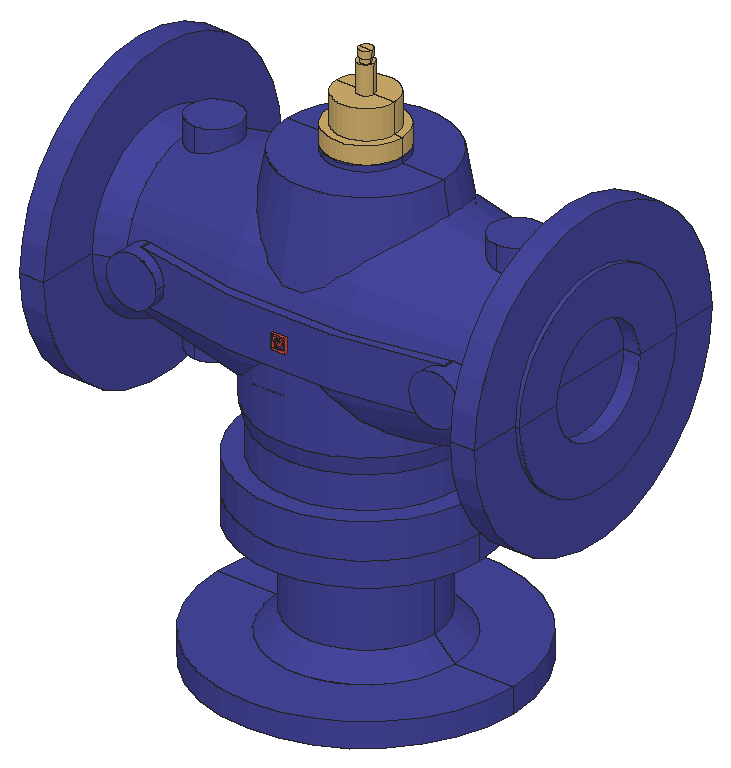
Revit family "Клапан трехходовой регулирующий, фланцевый F 4037", category Rohrzubehör, Revit 2021
Family settings
  Bemaßung runder Anschluss = Durchmesser verwenden
  Teiletyp = Unterbricht
  OmniClass-Nummer = 23.65.55.14
  OmniClass-Titel = Valves for Liquid Services
  Arbeitsebenenbasiert = Nein
  Immer vertikal = Ja
  Beim Laden mit Abzugskörper schneiden = Nein
  Gemeinsam genutzt = Nein
Parameters (values of type "kvs63")
  Среда = "Качество очистки воды должно соответствовать нормам ÖNORM H 5195 и VDI 2035 стандартам."
  Номер заказа [instance] = if(and(kvs1, Nennweite = 15 mm), 403701, if(and(kvs1.6, Nennweite = 15 mm), 403711, if(and(kvs2.5, Nennweite = 15 mm), 403721, if(and(kvs4, Nennweite = 15 mm), 403731, if(and(kvs6.3, Nennweite = 25 mm), 403703, if(and(kvs10, Nennweite = 25 mm), 403713, if(and(kvs16, Nennweite = 32 mm), 403704, if(and(kvs25, Nennweite = 40 mm), 403705, if(and(kvs40, Nennweite = 50 mm), 403706, if(and(kvs63, Nennweite = 65 mm), 403707, if(and(kvs100, Nennweite = 80 mm), 403708, if(and(kvs160, Nennweite = 100 mm), 403709, if(and(kvs250, Nennweite = 125 mm), 403710, if(and(kvs330, Nennweite = 150 mm), 403741, 0))))))))))))))  # 403707
  Вес [instance] = size_lookup("4037_", "Gewicht", 25, Nennweite)  # 25
  kvs63 = yes
  kvs6.3 = no
  kvs40 = no
  kvs4 = no
  kvs330 = no
  kvs250 = no
  kvs25 = no
  kvs2.5 = no
  kvs160 = no
  kvs16 = no
  kvs100 = no
  kvs10 = no
  kvs1.6 = no
  kvs1 = no
  Седло клапана = "WN1.4021"  # constant formula
  Конус клапана = "WN1.4021/латунь"  # constant formula
  Пропускная характеристика клапана = "равнопроцентная"  # constant formula
  Vorgabe-Ansicht = 0 mm
  URL = "www.herz-armaturen.ru"
  Шток = "WN1.4404"  # constant formula
  SCTWSEQ = "FW;SBT_TYP_FW=\"101\";3"
  SCTWCODE = "04;05;03"  # constant formula
  SCRNSEQ = "ARM;ARM_TYP=\"MISV\";3"
  SCRNCODE = "05;18;03"  # constant formula
  R14 = 4 mm  # constant formula
  R13 = 3 mm  # constant formula
  R12 = 5 mm  # constant formula
  R11 [instance] = size_lookup("4037_", "R11", 18 mm, Nennweite)  # 18 mm
  R10 [instance] = size_lookup("4037_", "R10", 23 mm, Nennweite)  # 23 mm
  R09 [instance] = size_lookup("4037_", "R9", 49 mm, Nennweite)  # 49 mm
  R08 [instance] = R00 + 3 mm  # 68 mm
  R07 [instance] = size_lookup("4037_", "R7", 15.5 mm, Nennweite)  # 15.5 mm
  R06 [instance] = size_lookup("4037_", "R6", 15.5 mm, Nennweite)  # 15.5 mm
  R05 [instance] = size_lookup("4037_", "R5", 62.5 mm, Nennweite)  # 62.5 mm
  R04 [instance] = size_lookup("4037_", "R4", 59.5 mm, Nennweite)  # 59.5 mm
  R03 [instance] = size_lookup("4037_", "R3", 43 mm, Nennweite)  # 71 mm
  R02 [instance] = size_lookup("4037_", "R2", 43 mm, Nennweite)  # 43 mm
  R01 [instance] = size_lookup("4037_", "R1", 55.5 mm, Nennweite)  # 55.5 mm
  R00 [instance] = size_lookup("4037_", "R", 65 mm, Nennweite)  # 65 mm
  PN = 16  # constant formula
  Nennweite [instance] = 65 mm
  Мин. рабочая температура = 5 °C  # constant formula
  Макс. рабочая температура = 150 °C  # constant formula
  Макс. рабочее давление = 1600000.0 Pa  # constant formula
  LO1 [instance] = size_lookup("4037_", "LO1", 28.5 mm, Nennweite)  # 68 mm
  L07 [instance] = L06 - R06  # 94.5 mm
  L06 [instance] = size_lookup("4037_", "L6", 110 mm, Nennweite)  # 110 mm
  L05 [instance] = D00  # 92.5 mm
  L04 = 12.5 mm  # constant formula
  L03 = 10 mm  # constant formula
  L02 [instance] = size_lookup("4037_", "L2", 15 mm, Nennweite)  # 15 mm
  L01 = 3 mm  # constant formula
  L00 [instance] = size_lookup("4037_", "L", 145 mm, Nennweite)  # 145 mm
  Hersteller = "Herz-Armaturen GmbH"  # constant formula
  H16 [instance] = size_lookup("4037_", "H16", 22 mm, Nennweite)  # 22 mm
  H15 = 4 mm  # constant formula
  H14 [instance] = size_lookup("4037_", "H14", 17 mm, Nennweite)  # 17 mm
  H13 [instance] = size_lookup("4037_", "H13", 18 mm, Nennweite)  # 18 mm
  H12 [instance] = size_lookup("4037_", "H12", 10.5 mm, Nennweite)  # 10.5 mm
  H11 [instance] = size_lookup("4037_", "H11", 52.5 mm, Nennweite)  # 52.5 mm
  H10 [instance] = size_lookup("4037_", "H10", 135.4 mm, Nennweite)  # 135.4 mm
  H09 = 3 mm  # constant formula
  H08 [instance] = size_lookup("4037_", "H8", 79 mm, Nennweite)  # 79 mm
  H07 [instance] = R00  # 65 mm
  H06 [instance] = size_lookup("4037_", "H6", 59 mm, Nennweite)  # 59 mm
  H05 [instance] = size_lookup("4037_", "H5", 20 mm, Nennweite)  # 20 mm
  H04 [instance] = size_lookup("4037_", "H4", 17 mm, Nennweite)  # 17 mm
  H02 [instance] = size_lookup("4037_", "H2", 38 mm, Nennweite)  # 38 mm
  H01 [instance] = size_lookup("4037_", "H1", 208 mm, Nennweite)  # 208 mm
  H03 [instance] = size_lookup("4037_", "H3", 112 mm, Nennweite)  # 112 mm
  Корпус = "EN-GJL-250 (EN 1561)"  # constant formula
  Материал уплотнения = "70EPDM"  # constant formula
  DN80 [instance] = Nennweite = 80 mm  # no
  DN65 [instance] = Nennweite = 65 mm  # yes
  DN50 [instance] = Nennweite = 50 mm  # no
  DN40 [instance] = Nennweite = 40 mm  # no
  DN32 [instance] = Nennweite = 32 mm  # no
  DN25 [instance] = Nennweite = 25 mm  # no
  DN150 [instance] = Nennweite = 150 mm  # no
  DN15 [instance] = Nennweite = 15 mm  # no
  DN125 [instance] = Nennweite = 125 mm  # no
  DN100 [instance] = Nennweite = 100 mm  # no
  D02 [instance] = Nennweite / 2  # 32.5 mm
  D01 [instance] = size_lookup("4037_", "D1", 61 mm, Nennweite)  # 61 mm
  D00 [instance] = size_lookup("4037_", "D", 92.5 mm, Nennweite)  # 92.5 mm
  Область применения = "Клапан применяется в системах отопления, вентиляции и кондиционирования воздуха, в производственных и технологических процессах. Трехходовой фланцевый клапан используется как смесительный клапан и в случае, когда следует изменить направление циркуляции воды с одного трубопровода на другой. Пропускная характеристика клапана - равнопроцентная. Соотношение регулирования (соотношение между пропускной\r\nспособностью при номинальной высоте хода Kvs и минимальным значением пропускной способности,\r\nпри которой погрешность регулирования находится в пределах номинального допуска Kvmin) - 30. Выбор\r\nтрехходового фланцевого клапана осущетвляется в соответствии с диаграммой значений kvs."
  Фланцевое соединение = "EN 1092-2"  # constant formula
Types (15, lengths in mm): name | Среда | Номер заказа | Вес | kvs63 | kvs6.3 | kvs40 | kvs4 | kvs330 | kvs250 | kvs25 | kvs2.5 | kvs160 | kvs16 | kvs100 | kvs10 | kvs1.6 | kvs1 | R11 | R10 | R09 | R08 | R07 | R06 | R05 | R04 | R03 | R02 | R01 | R00 | Nennweite | LO1 | L07 | L06 | L05 | L02 | L00 | H16 | H14 | H13 | H12 | H11 | H10 | H08 | H07 | H06 | H05 | H04 | H02 | H01 | H03 | DN80 | DN65 | DN50 | DN40 | DN32 | DN25 | DN150 | DN15 | DN125 | DN100 | D02 | D01 | D00
  (no name) | "Качество очистки воды должно соответствовать нормам ÖNORM H 5195 и VDI 2035 стандартам." | 403707 | 25 | yes | no | no | no | no | no | no | no | no | no | no | no | no | no | 18 | 23 | 49 | 68 | 15.5 | 15.5 | 62.5 | 59.5 | 71 | 43 | 55.5 | 65 | 65 | 68 | 94.5 | 110 | 92.5 | 15 | 145 | 22 | 17 | 18 | 10.5 | 52.5 | 135.4 | 79 | 65 | 59 | 20 | 17 | 38 | 208 | 112 | no | yes | no | no | no | no | no | no | no | no | 32.5 | 61 | 92.5
  kvs1 | "Качество очистки воды должно соответствовать нормам ÖNORM H 5195 и VDI 2035 стандартам." | 403701 | 5 | no | no | no | no | no | no | no | no | no | no | no | no | no | yes | 10 | 15 | 19.5 | 29.5 | 6 | 6 | 24 | 21 | 32.5 | 14 | 17 | 26.5 | 15 | 27.5 | 34 | 40 | 47.5 | 11 | 65 | 18 | 13 | 14 | 6.8 | 40.8 | 80.3 | 36.5 | 26.5 | 24.5 | 5 | 13 | 11 | 110 | 49 | no | no | no | no | no | no | no | yes | no | no | 7.5 | 22.5 | 47.5
  kvs1.6 | "Качество очистки воды должно соответствовать нормам ÖNORM H 5195 и VDI 2035 стандартам." | 403711 | 5 | no | no | no | no | no | no | no | no | no | no | no | no | yes | no | 10 | 15 | 19.5 | 29.5 | 6 | 6 | 24 | 21 | 32.5 | 14 | 17 | 26.5 | 15 | 27.5 | 34 | 40 | 47.5 | 11 | 65 | 18 | 13 | 14 | 6.8 | 40.8 | 80.3 | 36.5 | 26.5 | 24.5 | 5 | 13 | 11 | 110 | 49 | no | no | no | no | no | no | no | yes | no | no | 7.5 | 22.5 | 47.5
  kvs2.5 | "Качество очистки воды должно соответствовать нормам ÖNORM H 5195 и VDI 2035 стандартам." | 403721 | 5 | no | no | no | no | no | no | no | yes | no | no | no | no | no | no | 10 | 15 | 19.5 | 29.5 | 6 | 6 | 24 | 21 | 32.5 | 14 | 17 | 26.5 | 15 | 27.5 | 34 | 40 | 47.5 | 11 | 65 | 18 | 13 | 14 | 6.8 | 40.8 | 80.3 | 36.5 | 26.5 | 24.5 | 5 | 13 | 11 | 110 | 49 | no | no | no | no | no | no | no | yes | no | no | 7.5 | 22.5 | 47.5
  kvs4 | "Качество очистки воды должно соответствовать нормам ÖNORM H 5195 и VDI 2035 стандартам." | 403731 | 5 | no | no | no | yes | no | no | no | no | no | no | no | no | no | no | 10 | 15 | 19.5 | 29.5 | 6 | 6 | 24 | 21 | 32.5 | 14 | 17 | 26.5 | 15 | 27.5 | 34 | 40 | 47.5 | 11 | 65 | 18 | 13 | 14 | 6.8 | 40.8 | 80.3 | 36.5 | 26.5 | 24.5 | 5 | 13 | 11 | 110 | 49 | no | no | no | no | no | no | no | yes | no | no | 7.5 | 22.5 | 47.5
  kvs6.3 | "Качество очистки воды должно соответствовать нормам ÖNORM H 5195 и VDI 2035 стандартам." | 403703 | 8 | no | yes | no | no | no | no | no | no | no | no | no | no | no | no | 10 | 15 | 19.5 | 41 | 7 | 7 | 35.5 | 32.5 | 44 | 19.5 | 28.5 | 38 | 25 | 40 | 45 | 52 | 57.5 | 13 | 80 | 20 | 13 | 14 | 6.8 | 40.8 | 88.3 | 44.5 | 38 | 35 | 5 | 15 | 3 | 121 | 64 | no | no | no | no | no | yes | no | no | no | no | 12.5 | 34 | 57.5
  kvs10 | "Качество очистки воды должно соответствовать нормам ÖNORM H 5195 и VDI 2035 стандартам." | 403713 | 8 | no | no | no | no | no | no | no | no | no | no | no | yes | no | no | 10 | 15 | 19.5 | 41 | 7 | 7 | 35.5 | 32.5 | 44 | 19.5 | 28.5 | 38 | 25 | 40 | 45 | 52 | 57.5 | 13 | 80 | 20 | 13 | 14 | 6.8 | 40.8 | 88.3 | 44.5 | 38 | 35 | 5 | 15 | 3 | 121 | 64 | no | no | no | no | no | yes | no | no | no | no | 12.5 | 34 | 57.5
  kvs16 | "Качество очистки воды должно соответствовать нормам ÖNORM H 5195 и VDI 2035 стандартам." | 403704 | 11.5 | no | no | no | no | no | no | no | no | no | yes | no | no | no | no | 10 | 15 | 20.5 | 46 | 9 | 9 | 40.5 | 37.5 | 49 | 24.5 | 33.5 | 43 | 32 | 45 | 51 | 60 | 70 | 13 | 90 | 20 | 17 | 18 | 10.5 | 52.5 | 102 | 46.5 | 43 | 39 | 15 | 15 | 4 | 142 | 84 | no | no | no | no | yes | no | no | no | no | no | 16 | 39 | 70
  kvs25 | "Качество очистки воды должно соответствовать нормам ÖNORM H 5195 и VDI 2035 стандартам." | 403705 | 13 | no | no | no | no | no | no | yes | no | no | no | no | no | no | no | 10 | 15 | 20.5 | 51 | 12 | 12 | 45.5 | 42.5 | 54 | 29 | 38.5 | 48 | 40 | 50 | 56 | 68 | 75 | 13 | 100 | 20 | 17 | 18 | 10.5 | 52.5 | 112 | 56.5 | 48 | 43 | 20 | 15 | 1 | 149 | 94 | no | no | no | yes | no | no | no | no | no | no | 20 | 44 | 75
  kvs63 | "Качество очистки воды должно соответствовать нормам ÖNORM H 5195 и VDI 2035 стандартам." | 403707 | 25 | yes | no | no | no | no | no | no | no | no | no | no | no | no | no | 18 | 23 | 49 | 68 | 15.5 | 15.5 | 62.5 | 59.5 | 71 | 43 | 55.5 | 65 | 65 | 68 | 94.5 | 110 | 92.5 | 15 | 145 | 22 | 17 | 18 | 10.5 | 52.5 | 135.4 | 79 | 65 | 59 | 20 | 17 | 38 | 208 | 112 | no | yes | no | no | no | no | no | no | no | no | 32.5 | 61 | 92.5
  kvs100 | "Качество очистки воды должно соответствовать нормам ÖNORM H 5195 и VDI 2035 стандартам." | 403708 | 31 | no | no | no | no | no | no | no | no | no | no | yes | no | no | no | 18 | 23 | 49 | 76 | 15.5 | 15.5 | 70.5 | 67.5 | 79 | 51 | 63.5 | 73 | 80 | 77 | 99.5 | 115 | 100 | 17 | 155 | 24 | 17 | 18 | 10.5 | 52.5 | 168.5 | 113 | 73 | 65 | 20 | 19 | 46 | 233 | 125 | yes | no | no | no | no | no | no | no | no | no | 40 | 69 | 100
  kvs160 | "Качество очистки воды должно соответствовать нормам ÖNORM H 5195 и VDI 2035 стандартам." | 403709 | 46 | no | no | no | no | no | no | no | no | yes | no | no | no | no | no | 30 | 35 | 61 | 86 | 20.5 | 20.5 | 80.5 | 77.5 | 89 | 61 | 73.5 | 83 | 100 | 88 | 112.5 | 133 | 110 | 17 | 175 | 24 | 21 | 22 | 14.2 | 64.2 | 189.7 | 122.5 | 83 | 73 | 25 | 19 | 65 | 262 | 135 | no | no | no | no | no | no | no | no | no | yes | 50 | 79 | 110
  kvs250 | "" | 403710 | 72 | no | no | no | no | no | yes | no | no | no | no | no | no | no | no | 30 | 35 | 61 | 101 | 20.5 | 20.5 | 95.5 | 92.5 | 104 | 76 | 88.5 | 98 | 125 | 103 | 134.5 | 155 | 125 | 19 | 200 | 26 | 21 | 22 | 14.2 | 64.2 | 231 | 163.5 | 98 | 80 | 30 | 21 | 44 | 268 | 158 | no | no | no | no | no | no | no | no | yes | no | 62.5 | 94 | 125
  kvs330 | "Качество очистки воды должно соответствовать нормам ÖNORM H 5195 и VDI 2035 стандартам." | 403741 | 91 | no | no | no | no | yes | no | no | no | no | no | no | no | no | no | 30 | 35 | 61 | 113 | 20.5 | 20.5 | 107.5 | 104.5 | 116 | 88 | 100.5 | 110 | 150 | 115 | 174.5 | 195 | 142.5 | 19 | 240 | 26 | 21 | 22 | 14.2 | 64.2 | 237.5 | 170 | 110 | 85 | 25 | 21 | 42 | 261 | 153 | no | no | no | no | no | no | yes | no | no | no | 75 | 106 | 142.5
  kvs40 | "Качество очистки воды должно соответствовать нормам ÖNORM H 5195 и VDI 2035 стандартам." | 403706 | 16 | no | no | yes | no | no | no | no | no | no | no | no | no | no | no | 18 | 23 | 49 | 56 | 13.5 | 13.5 | 52.5 | 49.5 | 61 | 34 | 45.5 | 53 | 50 | 56 | 66.5 | 80 | 82.5 | 15 | 115 | 20 | 17 | 18 | 10.5 | 52.5 | 122 | 66.5 | 53 | 43 | 1 | 15 | 42 | 167 | 67 | no | no | yes | no | no | no | no | no | no | no | 25 | 51 | 82.5
Reference planes
  plane 1 "Mitte (Vorne/hinten)": y = 0
  plane 2: z = 0
  plane 3 "Mitte (Links/rechts)": x = 0
Forms (mm)
  Revolve 1, solid, material "kunststoff-BLAU", detail levels fine
    sketch origin (1065, 0, 0) x (1, 0, 0) y (0, 1, 0)
      loop
        line (-1207, 61) -> (-1210, 61) -> (-1210, 32.5) -> (-1200, 32.5) -> (-1200, 0) -> (-930, 0) -> (-930, 32.5) -> (-920, 32.5) -> (-920, 61) -> (-923, 61) -> (-923, 92.5) -> (-938, 92.5) -> (-938, 55.5) -> (-955, 49.943)
        arc (-955, 49.943) -> (-1065, 65) -> (-1175, 49.943) r 409.331
        line (-1175, 49.943) -> (-1192, 55.5) -> (-1192, 92.5) -> (-1207, 92.5) -> (-1207, 61)
      axis (-920, 0) -> (-1210, 0)
    angle from 0 to 360
  Extrusion 2, solid, material "kunststoff-BLAU", detail levels fine
    sketch origin (0, 0, 0) x (-1, 0, 0) y (0, 0, -1)
      loop
        circle (94.5, 0) r 15.5
      loop
        circle (-94.5, 0) r 15.5
    from -65 to 65
  Extrusion 3, solid, material "kunststoff-BLAU", visible <- "DN65", detail levels fine
    sketch origin (0, 0, 0) x (1, 0, 0) y (0, 1, 0)
      loop
        arc (-95, -56.907) -> (0, -68) -> (95, -56.907) r 412.331
        line (95, -56.907) -> (95, 56.907)
        arc (95, 56.907) -> (0, 68) -> (-95, 56.907) r 412.331
        line (-95, 56.907) -> (-95, -56.907)
    from -15.5 to 15.5
  Revolve 4, solid, material "kunststoff-BLAU", detail levels fine
    sketch origin (0, 0, 0) x (1, 0, 0) y (0, 0, 1)
      loop
        line (-49, 79) -> (-62.5, 0) -> (0, 0) -> (0, 82) -> (-23, 82) -> (-23, 79) -> (-49, 79)
      axis (0, 82) -> (0, 0)
    angle from 0 to 360
  Revolve 5, solid, material "kunststoff-BLAU", detail levels fine
    sketch origin (0, 0, 0) x (1, 0, 0) y (0, 0, 1)
      loop
        line (0, 0) -> (-62.5, 0) -> (-62.5, -59) -> (-59.5, -70) -> (-59.5, -90) -> (-71, -90) -> (-71, -112) -> (0, -112) -> (0, 0)
      axis (0, 0) -> (0, -112)
    angle from 0 to 360
  Revolve 6, solid, material "kunststoff-BLAU", detail levels fine
    sketch origin (0, 0, 0) x (1, 0, 0) y (0, 0, 1)
      loop
        line (-61, -205) -> (-61, -208) -> (-32.5, -208) -> (-32.5, -198) -> (0, -198) -> (0, -112) -> (-71, -112) -> (-71, -127) -> (-55.5, -127) -> (-43, -139.5) -> (-43, -177.5) -> (-55.5, -190) -> (-92.5, -190) -> (-92.5, -205) -> (-61, -205)
      axis (0, -112) -> (0, -208)
    angle from 0 to 360
  Extrusion 7, solid, material "kunststoff-BLAU", detail levels fine
    sketch origin (0, 0, 0) x (0, -1, 0) y (1, 0, 0)
      loop
        circle (0, -94.5) r 15.5
      loop
        circle (0, 94.5) r 15.5
    from -65 to 65
  Extrusion 8, solid, material "kunststoff-BLAU", visible <- "DN150", detail levels fine
    sketch origin (0, 0, 0) x (1, 0, 0) y (0, 1, 0)
      loop
        arc (-179.5, -78.475) -> (0, -115) -> (179.5, -78.475) r 459.331
        line (179.5, -78.475) -> (179.5, 78.475)
        arc (179.5, 78.475) -> (0, 115) -> (-179.5, 78.475) r 459.331
        line (-179.5, 78.475) -> (-179.5, -78.475)
    from -20.5 to 20.5
  Extrusion 9, solid, material "kunststoff-BLAU", visible <- "DN125", detail levels fine
    sketch origin (0, 0, 0) x (1, 0, 0) y (0, 1, 0)
      loop
        arc (-134.5, -82.301) -> (0, -103) -> (134.5, -82.301) r 447.331
        line (134.5, -82.301) -> (134.5, 82.301)
        arc (134.5, 82.301) -> (0, 103) -> (-134.5, 82.301) r 447.331
        line (-134.5, 82.301) -> (-134.5, -82.301)
    from -20.5 to 20.5
  Extrusion 10, solid, material "kunststoff-BLAU", visible <- "DN100", detail levels fine
    sketch origin (0, 0, 0) x (1, 0, 0) y (0, 1, 0)
      loop
        arc (-112.5, -73.106) -> (0, -88) -> (112.5, -73.106) r 432.331
        line (112.5, -73.106) -> (112.5, 73.106)
        arc (112.5, 73.106) -> (0, 88) -> (-112.5, 73.106) r 432.331
        line (-112.5, 73.106) -> (-112.5, -73.106)
    from -20.5 to 20.5
  Extrusion 11, solid, material "kunststoff-BLAU", visible <- "DN80", detail levels fine
    sketch origin (0, 0, 0) x (1, 0, 0) y (0, 1, 0)
      loop
        line (99.5, -65.083) -> (99.5, 65.083)
        arc (99.5, 65.083) -> (0, 77) -> (-99.5, 65.083) r 421.331
        line (-99.5, 65.083) -> (-99.5, -65.083)
        arc (-99.5, -65.083) -> (0, -77) -> (99.5, -65.083) r 421.331
    from -15.5 to 15.5
  Extrusion 12, solid, material "kunststoff-BLAU", visible <- "DN50", detail levels fine
    sketch origin (0, 0, 0) x (1, 0, 0) y (0, 1, 0)
      loop
        arc (-66.5, -50.44) -> (0, -56.006) -> (66.5, -50.44) r 400.05
        line (66.5, -50.44) -> (66.5, 50.44)
        arc (66.5, 50.44) -> (0, 56.006) -> (-66.5, 50.44) r 400.05
        line (-66.5, 50.44) -> (-66.5, -50.44)
    from -13.5 to 13.5
  Extrusion 13, solid, material "kunststoff-BLAU", visible <- "DN40", detail levels fine
    sketch origin (0, 0, 0) x (1, 0, 0) y (0, 1, 0)
      loop
        arc (-56, -46.003) -> (0, -50) -> (56, -46.003) r 394.331
        line (56, -46.003) -> (56, 46.003)
        arc (56, 46.003) -> (0, 50) -> (-56, 46.003) r 394.331
        line (-56, 46.003) -> (-56, -46.003)
    from -12 to 12
  Extrusion 14, solid, material "kunststoff-BLAU", visible <- "DN32", detail levels fine
    sketch origin (0, 0, 0) x (1, 0, 0) y (0, 1, 0)
      loop
        arc (-51, -41.645) -> (0, -45) -> (51, -41.645) r 389.331
        line (51, -41.645) -> (51, 41.645)
        arc (51, 41.645) -> (0, 45) -> (-51, 41.645) r 389.331
        line (-51, 41.645) -> (-51, -41.645)
    from -9 to 9
  Extrusion 15, solid, material "kunststoff-BLAU", visible <- "DN25", detail levels fine
    sketch origin (0, 0, 0) x (1, 0, 0) y (0, 1, 0)
      loop
        line (45, -37.356) -> (45, 37.356)
        arc (45, 37.356) -> (0, 40) -> (-45, 37.356) r 384.331
        line (-45, 37.356) -> (-45, -37.356)
        arc (-45, -37.356) -> (0, -40) -> (45, -37.356) r 384.331
    from -7 to 7
  Extrusion 16, solid, material "kunststoff-BLAU", visible <- "DN15", detail levels fine
    sketch origin (0, 0, 0) x (1, 0, 0) y (0, 1, 0)
      loop
        line (-34, 25.942) -> (-34, -25.942)
        arc (-34, -25.942) -> (0, -27.5) -> (34, -25.942) r 371.831
        line (34, -25.942) -> (34, 25.942)
        arc (34, 25.942) -> (0, 27.5) -> (-34, 25.942) r 371.831
    from -6 to 6
  Revolve 17, solid, material "Messing-poliert", detail levels fine
    sketch origin (0, 0, 0) x (1, 0, 0) y (0, 0, 1)
      loop
        line (-23, 93.4) -> (-23, 82.9) -> (0, 82.9) -> (0, 135.4) -> (-4, 135.4) -> (-4, 131.4) -> (-3, 131.4) -> (-3, 128.4) -> (-5, 128.4) -> (-5, 111.4) -> (-18, 111.4) -> (-18, 93.4) -> (-23, 93.4)
      axis (0, 135.4) -> (0, 82.9)
    angle from 0 to 360
Lines and regions (mm)
  model lines, detail levels coarse+medium
    curve 1: line (-145, 0, 92.5) -> (-145, 0, -92.5)
    curve 2: line (-145, 0, -92.5) -> (145, 0, 92.5)
    curve 3: line (145, 0, 92.5) -> (145, 0, -92.5)
    curve 4: line (145, 0, -92.5) -> (-145, 0, 92.5)
    curve 5: line (0, 0, 0) -> (92.5, 0, -208)
    curve 6: line (92.5, 0, -208) -> (-92.5, 0, -208)
    curve 7: line (-92.5, 0, -208) -> (0, 0, 0)
    curve 8: line (-145, 92.5, 0) -> (-145, -92.5, 0)
    curve 9: line (-145, -92.5, 0) -> (145, 92.5, 0)
    curve 10: line (145, 92.5, 0) -> (145, -92.5, 0)
    curve 11: line (145, -92.5, 0) -> (-145, 92.5, 0)
    curve 12: line (0, 0, 0) -> (92.5, -208, 0)
    curve 13: line (92.5, -208, 0) -> (-92.5, -208, 0)
    curve 14: line (-92.5, -208, 0) -> (0, 0, 0)
Dimensions and locks
  "L00": Revolve 1 sketch curve to plane 3 "Mitte (Links/rechts)" to Revolve 1 sketch curve
  "D00": plane 1 "Mitte (Vorne/hinten)" to Revolve 1 sketch curve  (x2)
  "D02": plane 1 "Mitte (Vorne/hinten)" to Revolve 1 sketch curve  (x2)
  "L01": Revolve 1 sketch curve to Revolve 1 sketch curve  (x2)
  "L02": Revolve 1 sketch curve to Revolve 1 sketch curve  (x2)
  "D01": plane 1 "Mitte (Vorne/hinten)" to Revolve 1 sketch curve  (x2)
  "R01": plane 1 "Mitte (Vorne/hinten)" to Revolve 1 sketch curve  (x2)
  "R00": Revolve 1 sketch curve to Revolve 1 sketch curve
  "L03": Revolve 1 sketch curve to Revolve 1 sketch curve  (x2)
  "D02": plane 3 "Mitte (Links/rechts)" to Revolve 6 sketch curve
  "R02": plane 3 "Mitte (Links/rechts)" to Revolve 6 sketch curve
  "R01": plane 3 "Mitte (Links/rechts)" to Revolve 6 sketch curve  (x2)
  "D01": plane 3 "Mitte (Links/rechts)" to Revolve 6 sketch curve
  "D00": plane 3 "Mitte (Links/rechts)" to Revolve 6 sketch curve
  "H01": plane 2 to Revolve 6 sketch curve
  "L01": Revolve 6 sketch curve to Revolve 6 sketch curve
  "L02": Revolve 6 sketch curve to Revolve 6 sketch curve  (x2)
  "L03": Revolve 6 sketch curve to Revolve 6 sketch curve
  "R03": plane 3 "Mitte (Links/rechts)" to Revolve 6 sketch curve
  "L04": Revolve 6 sketch curve to Revolve 6 sketch curve  (x2)
  "R03": Revolve 5 sketch curve to Revolve 5 sketch curve
  "H03": plane 2 to Revolve 5 sketch curve
  "H06": Revolve 5 sketch curve to Revolve 5 sketch curve
  "R04": Revolve 5 sketch curve to Revolve 5 sketch curve
  "R05": Revolve 5 sketch curve to Revolve 5 sketch curve
  "H05": Revolve 5 sketch curve to Revolve 5 sketch curve
  "L06": Revolve 1 sketch curve to plane 3 "Mitte (Links/rechts)" to Revolve 1 sketch curve
  "H03": plane 2 to Revolve 6 sketch curve
  "R09": Revolve 4 sketch curve to Revolve 4 sketch curve
  "R05": Revolve 4 sketch curve to Revolve 4 sketch curve
  "H07": Extrusion 7 to plane 2 to Extrusion 7  (x2)
  "L07": plane 3 "Mitte (Links/rechts)" to Extrusion 7 sketch curve
  "L07": Extrusion 7 sketch curve to plane 3 "Mitte (Links/rechts)"
  "H07": Extrusion 2 to plane 1 "Mitte (Vorne/hinten)"  (x3)
  "L07": plane 3 "Mitte (Links/rechts)" to Extrusion 2 sketch curve
  "L07": Extrusion 2 sketch curve to plane 3 "Mitte (Links/rechts)"
  "H07": plane 1 "Mitte (Vorne/hinten)" to Extrusion 2
  "H08": Revolve 4 sketch curve to plane 2
  "H09": Revolve 4 sketch curve to Revolve 4 sketch curve
  "R10": plane 3 "Mitte (Links/rechts)" to Revolve 4 sketch curve
  "H11": Revolve 17 sketch curve to Revolve 17 sketch curve
  "H10": Revolve 17 sketch curve to plane 2
  "R10": plane 3 "Mitte (Links/rechts)" to Revolve 17 sketch curve
  "H12": Revolve 17 sketch curve to Revolve 17 sketch curve
  "H13": Revolve 17 sketch curve to Revolve 17 sketch curve
  "H14": Revolve 17 sketch curve to Revolve 17 sketch curve
  "H15": Revolve 17 sketch curve to Revolve 17 sketch curve
  "R14": plane 3 "Mitte (Links/rechts)" to Revolve 17 sketch curve
  "R13": plane 3 "Mitte (Links/rechts)" to Revolve 17 sketch curve
  "R11": plane 3 "Mitte (Links/rechts)" to Revolve 17 sketch curve
  "R12": plane 3 "Mitte (Links/rechts)" to Revolve 17 sketch curve
  "LO1": nested 1 to plane 1 "Mitte (Vorne/hinten)"
  "H16": Revolve 5 sketch curve to Revolve 6
  "L00": curve 1 to plane 3 "Mitte (Links/rechts)" to curve 3
  "D00": curve 3 to plane 2 to curve 4
  "D00": curve 4 to plane 2 to curve 2
  "H01": plane 2 to curve 6
  "D00": curve 6 to plane 3 "Mitte (Links/rechts)" to curve 7
  "L00": curve 8 to plane 3 "Mitte (Links/rechts)" to curve 10
  "D00": curve 11 to plane 1 "Mitte (Vorne/hinten)" to curve 10
  "D00": curve 9 to plane 1 "Mitte (Vorne/hinten)" to curve 11
  "H01": curve 13 to plane 1 "Mitte (Vorne/hinten)"
  "D00": curve 14 to plane 3 "Mitte (Links/rechts)" to curve 13
  "R06": radius of Extrusion 7 sketch curve  (x2)
  "R07": radius of Extrusion 2 sketch curve  (x2)
  aligned and locked: level to plane 2
Automatic sketch dimensions
  Extrusion 3 sketch curve to plane 1 "Mitte (Vorne/hinten)" = 56.907 mm  (x2)
  Extrusion 3 sketch curve to plane 3 "Mitte (Links/rechts)" = 0 mm  (x2)
  Extrusion 3 sketch curve to Extrusion 3 sketch curve = 113.814 mm
  Extrusion 3 sketch curve to Extrusion 3 sketch curve = 287.425 mm
  Extrusion 3 sketch curve to plane 1 "Mitte (Vorne/hinten)" = 344.331 mm
  plane 3 "Mitte (Links/rechts)" to Extrusion 3 sketch curve = 95 mm
  Extrusion 8 sketch curve to plane 3 "Mitte (Links/rechts)" = 0 mm  (x2)
  Extrusion 8 sketch curve to plane 1 "Mitte (Vorne/hinten)" = 78.475 mm  (x2)
  plane 1 "Mitte (Vorne/hinten)" to Extrusion 8 sketch curve = 78.475 mm
  Extrusion 8 sketch curve to plane 3 "Mitte (Links/rechts)" = 179.5 mm
  Extrusion 8 sketch curve to Extrusion 8 sketch curve = 265.857 mm
  Extrusion 8 sketch curve to plane 1 "Mitte (Vorne/hinten)" = 344.331 mm
  plane 3 "Mitte (Links/rechts)" to Extrusion 9 sketch curve = 134.5 mm
  plane 1 "Mitte (Vorne/hinten)" to Extrusion 9 sketch curve = 82.301 mm  (x2)
  Extrusion 9 sketch curve to plane 3 "Mitte (Links/rechts)" = 0 mm  (x2)
  Extrusion 9 sketch curve to Extrusion 9 sketch curve = 262.031 mm  (x2)
  Extrusion 9 sketch curve to plane 1 "Mitte (Vorne/hinten)" = 82.301 mm
  Extrusion 10 sketch curve to plane 3 "Mitte (Links/rechts)" = 0 mm  (x2)
  plane 1 "Mitte (Vorne/hinten)" to Extrusion 10 sketch curve = 73.106 mm
  Extrusion 10 sketch curve to plane 3 "Mitte (Links/rechts)" = 112.5 mm
  Extrusion 10 sketch curve to Extrusion 10 sketch curve = 271.225 mm
  Extrusion 10 sketch curve to plane 1 "Mitte (Vorne/hinten)" = 344.331 mm
  Extrusion 10 sketch curve to plane 1 "Mitte (Vorne/hinten)" = 73.106 mm  (x2)
  Extrusion 11 sketch curve to plane 3 "Mitte (Links/rechts)" = 0 mm  (x2)
  plane 1 "Mitte (Vorne/hinten)" to Extrusion 11 sketch curve = 65.083 mm  (x2)
  Extrusion 11 sketch curve to plane 3 "Mitte (Links/rechts)" = 99.5 mm
  Extrusion 11 sketch curve to Extrusion 11 sketch curve = 279.249 mm
  Extrusion 11 sketch curve to plane 1 "Mitte (Vorne/hinten)" = 344.331 mm
  Extrusion 11 sketch curve to plane 1 "Mitte (Vorne/hinten)" = 65.083 mm
  Extrusion 12 sketch curve to plane 3 "Mitte (Links/rechts)" = 0 mm  (x2)
  Extrusion 12 sketch curve to plane 3 "Mitte (Links/rechts)" = 66.5 mm
  plane 3 "Mitte (Links/rechts)" to Extrusion 12 sketch curve = 66.5 mm
  plane 1 "Mitte (Vorne/hinten)" to Extrusion 12 sketch curve = 344.044 mm
  plane 1 "Mitte (Vorne/hinten)" to Extrusion 12 sketch curve = 50.44 mm
  Extrusion 12 sketch curve to plane 1 "Mitte (Vorne/hinten)" = 50.44 mm
  Extrusion 12 sketch curve to Extrusion 12 sketch curve = 293.604 mm
  Extrusion 13 sketch curve to plane 3 "Mitte (Links/rechts)" = 0 mm  (x2)
  Extrusion 13 sketch curve to plane 3 "Mitte (Links/rechts)" = 56 mm
  plane 3 "Mitte (Links/rechts)" to Extrusion 13 sketch curve = 56 mm
  plane 1 "Mitte (Vorne/hinten)" to Extrusion 13 sketch curve = 344.331 mm
  plane 1 "Mitte (Vorne/hinten)" to Extrusion 13 sketch curve = 46.003 mm
  Extrusion 13 sketch curve to plane 1 "Mitte (Vorne/hinten)" = 46.003 mm
  Extrusion 13 sketch curve to Extrusion 13 sketch curve = 298.328 mm
  Extrusion 14 sketch curve to plane 3 "Mitte (Links/rechts)" = 0 mm  (x2)
  Extrusion 14 sketch curve to plane 3 "Mitte (Links/rechts)" = 51 mm
  plane 3 "Mitte (Links/rechts)" to Extrusion 14 sketch curve = 51 mm
  plane 1 "Mitte (Vorne/hinten)" to Extrusion 14 sketch curve = 344.331 mm
  plane 1 "Mitte (Vorne/hinten)" to Extrusion 14 sketch curve = 41.645 mm
  Extrusion 14 sketch curve to plane 1 "Mitte (Vorne/hinten)" = 41.645 mm
  Extrusion 14 sketch curve to Extrusion 14 sketch curve = 302.686 mm
  Extrusion 15 sketch curve to plane 3 "Mitte (Links/rechts)" = 0 mm  (x2)
  Extrusion 15 sketch curve to plane 3 "Mitte (Links/rechts)" = 45 mm
  plane 3 "Mitte (Links/rechts)" to Extrusion 15 sketch curve = 45 mm
  plane 1 "Mitte (Vorne/hinten)" to Extrusion 15 sketch curve = 344.331 mm
  plane 1 "Mitte (Vorne/hinten)" to Extrusion 15 sketch curve = 37.356 mm
  Extrusion 15 sketch curve to plane 1 "Mitte (Vorne/hinten)" = 37.356 mm
  Extrusion 15 sketch curve to Extrusion 15 sketch curve = 306.975 mm
  Extrusion 16 sketch curve to plane 3 "Mitte (Links/rechts)" = 0 mm  (x2)
  Extrusion 16 sketch curve to plane 3 "Mitte (Links/rechts)" = 34 mm
  plane 3 "Mitte (Links/rechts)" to Extrusion 16 sketch curve = 34 mm
  plane 1 "Mitte (Vorne/hinten)" to Extrusion 16 sketch curve = 344.331 mm
  plane 1 "Mitte (Vorne/hinten)" to Extrusion 16 sketch curve = 25.942 mm
  Extrusion 16 sketch curve to plane 1 "Mitte (Vorne/hinten)" = 25.942 mm
  Extrusion 16 sketch curve to Extrusion 16 sketch curve = 318.389 mm
  curve 5 to level = 0 mm
  plane 1 "Mitte (Vorne/hinten)" to curve 12 = 0 mm
  Revolve 1 sketch curve to plane 1 "Mitte (Vorne/hinten)" = 0 mm
  Revolve 1 sketch curve to plane 3 "Mitte (Links/rechts)" = 0 mm
  plane 1 "Mitte (Vorne/hinten)" to Revolve 1 sketch curve = 0 mm
  plane 1 "Mitte (Vorne/hinten)" to Revolve 1 sketch curve = 344.331 mm
  Revolve 1 sketch curve to Revolve 1 sketch curve = 1855 mm  (x2)
  Extrusion 2 sketch curve to level = 0 mm  (x2)
  Revolve 4 sketch curve to level = 0 mm
  Revolve 4 sketch curve to plane 3 "Mitte (Links/rechts)" = 0 mm  (x2)
  Revolve 4 sketch curve to Revolve 4 sketch curve = 366.045 mm
  Revolve 4 sketch curve to Revolve 4 sketch curve = 2132.315 mm
  Revolve 5 sketch curve to level = 0 mm
  Revolve 5 sketch curve to plane 3 "Mitte (Links/rechts)" = 0 mm  (x2)
  Revolve 5 sketch curve to Revolve 5 sketch curve = 254.045 mm
  level to Revolve 5 sketch curve = 2214.315 mm
  Revolve 6 sketch curve to plane 3 "Mitte (Links/rechts)" = 0 mm  (x2)
  Revolve 6 sketch curve to Revolve 6 sketch curve = 158.045 mm
  level to Revolve 6 sketch curve = 2214.315 mm
  plane 1 "Mitte (Vorne/hinten)" to Extrusion 7 sketch curve = 0 mm  (x2)
  Revolve 17 sketch curve to plane 3 "Mitte (Links/rechts)" = 0 mm  (x2)
  Revolve 17 sketch curve to level = 366.045 mm
  Revolve 17 sketch curve to Revolve 17 sketch curve = 2079.815 mm
Nested families
  nested 1: "Herz-Logo-vorne" at (-0.018, -68, 0) x (0, 1, 0) z (0, 0, 1), type "Herz-Logo-vorne", detail levels fine
Connectors
  piping at (-145, 0, 0), diameter 65, driven by "Nennweite"
    settings: on Revolve 1, index 1, connector inside diameter 609.6 mm, connector length 0 mm, flow factor 0, pipe flow 0.0 L/s, pressure drop 0.0 Pa, fitting loss kfactor 0, connector angle 0.00°, fixture units 0, engagement length 0 mm, angle of deflection 0.00°, flow configuration 0, flow direction 1, fitting loss method 0, system type 29, joint type 0, gender type 0, connector reference index -1, connector utility 0, adjustable connector no, is connector primary yes, connector description ""
  piping at (145, 0, 0), diameter 65, driven by "Nennweite"
    settings: on Revolve 1, index 2, connector inside diameter 609.6 mm, connector length 0 mm, flow factor 0, pipe flow 0.0 L/s, pressure drop 0.0 Pa, fitting loss kfactor 0, connector angle 0.00°, fixture units 0, engagement length 0 mm, angle of deflection 0.00°, flow configuration 0, flow direction 2, fitting loss method 0, system type 29, joint type 0, gender type 0, connector reference index -1, connector utility 0, adjustable connector no, is connector primary no, connector description ""
  piping at (0, 0, -208), diameter 65, driven by "Nennweite"
    settings: on Revolve 6, index 3, connector inside diameter 609.6 mm, connector length 0 mm, flow factor 0, pipe flow 0.0 L/s, pressure drop 0.0 Pa, fitting loss kfactor 0, connector angle 0.00°, fixture units 0, engagement length 0 mm, angle of deflection 0.00°, flow configuration 0, flow direction 1, fitting loss method 0, system type 29, joint type 0, gender type 0, connector reference index -1, connector utility 0, adjustable connector no, is connector primary no, connector description ""
Definition of nested family "Herz-Logo-vorne"
  Parameters (values of type "Herz-Logo-vorne")
    Default Elevation = 0 mm
  Reference planes
    plane 1 "Mitte (Vorne/hinten)": y = 0
    plane 2: z = 0
    plane 3 "Mitte (Links/rechts)": x = 0
  Forms (mm)
    Extrusion 1, solid
      sketch origin (0.732, -0.018, 0.017) x (0, -1, 0) y (0, 0, 1)
        loop
          line (-0.018, -4.517) -> (4.482, -4.517) -> (4.482, 4.483) -> (-4.518, 4.483) -> (-4.518, -4.517) -> (-0.018, -4.517)
        loop
          line (-0.05, -3.48) -> (3.482, -3.48) -> (3.482, 3.483) -> (-3.518, 3.483) -> (-3.518, -3.48) -> (-0.05, -3.48)
        loop
          arc (-0.018, 2.383) -> (-1.543, 3.287) -> (-3.067, 2.383) r 1.738
          arc (-3.067, 2.383) -> (-3.191, 1.899) -> (-3.067, 1.415) r 1.009
          line (-3.067, 1.415) -> (-0.018, -3.281) -> (3.032, 1.415)
          arc (3.032, 1.415) -> (3.156, 1.899) -> (3.032, 2.383) r 1.009
          arc (3.032, 2.383) -> (1.507, 3.287) -> (-0.018, 2.383) r 1.738
        loop
          arc (1.885, 1.272) -> (2.005, 1.675) -> (1.885, 2.079) r 0.74
          arc (1.885, 2.079) -> (1.265, 2.416) -> (0.644, 2.079) r 0.74
          line (0.644, 2.079) -> (-0.018, 0.97) -> (-0.679, 2.079)
          arc (-0.679, 2.079) -> (-1.3, 2.416) -> (-1.921, 2.079) r 0.74
          arc (-1.921, 2.079) -> (-2.04, 1.675) -> (-1.921, 1.272) r 0.74
          line (-1.921, 1.272) -> (-0.018, -1.658) -> (1.885, 1.272)
      from 0 to 1.5
  Dimensions and locks
    aligned and locked: level to plane 2
